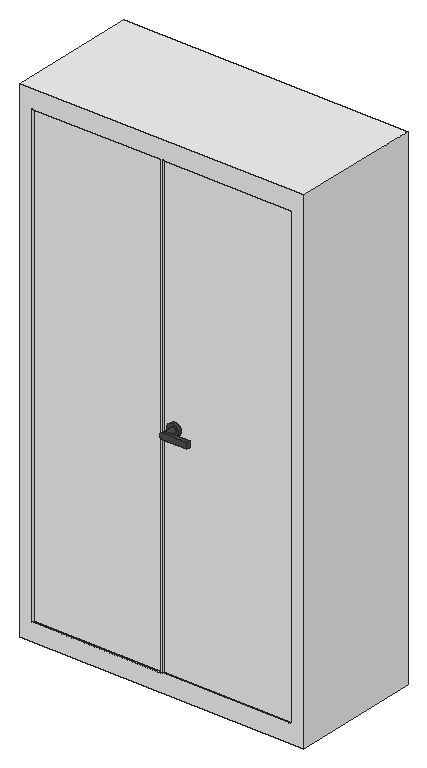
Revit family
Parameters (values of type "1200 x 550 x 2100mm")
  Keynote = "N"
  Assembly Code = ""
  Depth = 550 mm
  Material = Metal - Steel
  Height = 2100 mm
  Width = 1200 mm
Reference planes
  plane 1 "Center F/B": y = 0
  plane 2: z = 0
  plane 3 "Center L/R": x = 0
  plane 4: x = -600
  plane 5: x = 600
  plane 6: y = -275
  plane 7: y = 275
  plane 8: z = 2100
  plane 9: through (88.407, 0, 1010.5) normal (-0.0872, 0, -0.9962)
  plane 10: x = 50.943
  plane 11: z = 1016
Forms (mm)
  Extrusion 1, solid, material "Metal - Steel" <- "Material"
    sketch origin (0, 0, 0) x (1, 0, 0) y (0, 1, 0)
      loop
        line (-600, -275) -> (600, -275) -> (600, 275) -> (-600, 275) -> (-600, -275)
    from 0 to 2100
  Extrusion 2, void
    sketch origin (-600, -275, 2100) x (0, 0, -1) y (1, 0, 0)
      loop
        line (2023.8, 603.175) -> (2023.8, 1149.2) -> (76.2, 1149.2) -> (76.2, 603.175) -> (2023.8, 603.175)
    from -6.35 to 0
  Extrusion 3, void
    sketch origin (-600, -275, 2100) x (0, 0, -1) y (1, 0, 0)
      loop
        line (76.2, 50.8) -> (2023.8, 50.8) -> (2023.8, 596.825) -> (76.2, 596.825) -> (76.2, 50.8)
    from -6.35 to 0
  Extrusion 4, solid, material "Metal - Chrome"
    sketch origin (-600, -275, 2100) x (0, 0, -1) y (1, 0, 0)
      loop
        circle (1084, 650.943) r 25.4
    from -6.35 to 6.35
  Extrusion 5, solid, material "Metal - Chrome"
    sketch origin (-600, -281.35, 2100) x (0, 0, -1) y (1, 0, 0)
      loop
        circle (1084, 650.943) r 12.7
    from 0 to 38.1
  Extrusion 6, solid, material "Metal - Chrome"
    sketch origin (-600, -319.45, 2100) x (0, 0, -1) y (1, 0, 0)
      loop
        arc (1071.3, 650.943) -> (1084, 638.243) -> (1096.7, 650.943) r 12.7
        line (1096.7, 650.943) -> (1096.7, 752.543) -> (1071.3, 752.543) -> (1071.3, 650.943)
    from 0 to 12.7
Cuts and joins
  Extrusion 2, Extrusion 3 cuts Extrusion 1
Lines and regions (mm)
  Masking region 1
    outline origin (0, 0, 0) x (1, 0, 0) y (0, 1, 0)
      loop
        line (-600, 275) -> (-600, -275) -> (600, -275) -> (600, 275) -> (-600, 275)
  symbolic lines
    curve 1: line (-600, 275, 0) -> (600, 275, 0)
    curve 2: line (-600, -275, 0) -> (-600, 275, 0)
    curve 3: line (600, -275, 0) -> (-600, -275, 0)
    curve 4: line (600, 275, 0) -> (600, -275, 0)
Dimensions and locks
  equal spacing: plane 4, plane 3 "Center L/R", plane 5
  equal spacing: plane 6, plane 1 "Center F/B", plane 7
  "Depth": plane 7 to plane 6
  "Width": plane 4 to plane 5
  "Height": plane 8 to plane 2
  locked: Extrusion 2 sketch curve to plane 2 at 76.2
  locked: plane 8 to Extrusion 2 sketch curve at 76.2
  locked: Extrusion 2 sketch curve to plane 3 "Center L/R" at 3.175
  locked: Extrusion 3 sketch curve to plane 4 at 50.8
  locked: plane 3 "Center L/R" to Extrusion 3 sketch curve at 3.175
  locked: plane 5 to Extrusion 2 sketch curve at 50.8
  Extrusion 4 sketch curve to plane 3 "Center L/R" = 50.943 mm
  locked: Extrusion 4 sketch curve to plane 2 at 1016
  locked: Extrusion 6 sketch curve to Extrusion 6 sketch curve at 12.7
  aligned and locked: plane 7 to curve 1
  aligned and locked: curve 4 to plane 5
  aligned and locked: plane 6 to curve 3
  aligned and locked: plane 4 to curve 2
  aligned and locked: Extrusion 1 sketch curve to plane 4
  aligned and locked: Extrusion 1 sketch curve to plane 7
  aligned and locked: plane 5 to Extrusion 1 sketch curve
  aligned and locked: Extrusion 1 sketch curve to plane 6
  aligned and locked: Extrusion 1 to plane 8
  aligned and locked: Extrusion 3 sketch curve to cut or joined group of Extrusion 1, Extrusion 2, Extrusion 3
  aligned and locked: cut or joined group of Extrusion 1, Extrusion 2, Extrusion 3 to Extrusion 3 sketch curve
  aligned and locked: Extrusion 5 to Extrusion 4
  aligned and locked: Extrusion 6 to Extrusion 5
  aligned: curve 2 to Masking region 1 sketch curve
  aligned: Masking region 1 sketch curve to curve 1
  aligned: Masking region 1 sketch curve to curve 3
  aligned: Masking region 1 sketch curve to curve 4
Automatic sketch dimensions
  Extrusion 4 sketch curve to Extrusion 4 sketch curve = 25.4 mm
  Extrusion 5 sketch curve to plane 10 = 0 mm
  Extrusion 5 sketch curve to plane 11 = 0 mm
  Extrusion 5 sketch curve to Extrusion 5 sketch curve = 12.7 mm
  plane 3 "Center L/R" to Extrusion 6 sketch curve = 50.943 mm
  Extrusion 6 sketch curve to Extrusion 6 sketch curve = 101.6 mm
  level to Extrusion 6 sketch curve = 1028.7 mm
  Masking region 1 sketch curve to plane 4 = 0 mm
  Masking region 1 sketch curve to plane 5 = 0 mm
  Masking region 1 sketch curve to plane 6 = 0 mm
  Masking region 1 sketch curve to plane 7 = 0 mm
